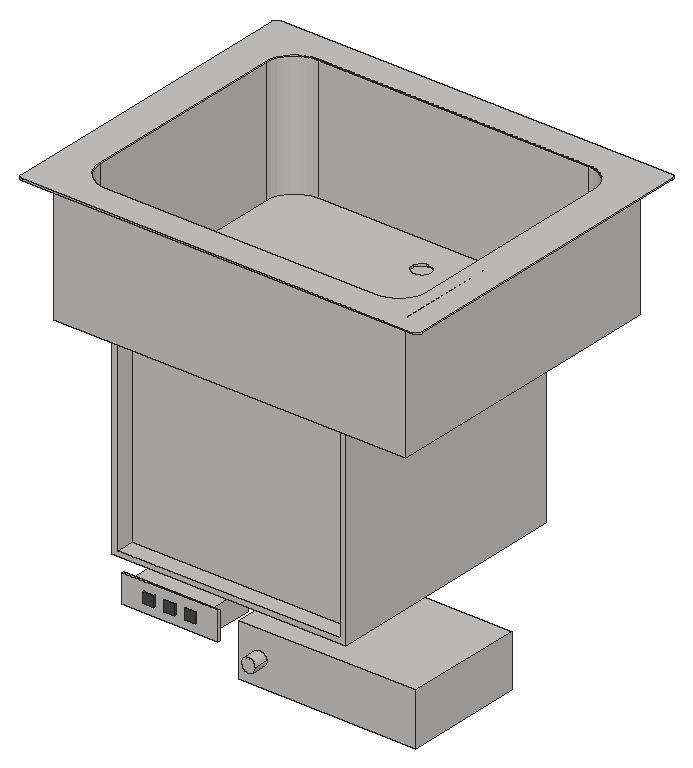
Revit family "QF_ELECTROLUXPROFESSIONAL_341036_D10C2", category Specialty Equipment, Revit 2018
Family settings
  Round Connector Dimension = Use Diameter
  Part Type = Normal
  Work Plane-Based = No
  Always vertical = Yes
  Cut with Voids When Loaded = No
  Shared = No
  Room Calculation Point = No
Parameters (values of type "341036.rfa")
  Weight = 0.00 kg
  Watts = 0 W
  Volts = 0 V
  URL Manufacturer = ""
  URL = ""
  Steam Supply Size = 0 mm
  Steam Supply Minimum Pressure = 0.0 Pa
  Steam Supply Maximum Pressure = 0.0 Pa
  Steam Pounds per Hour = 0
  Show Clearance [instance] = yes
  Remote Electrical Box_Z [instance] = 200.00 mm
  Remote Electrical Box_Y [instance] = 500.00 mm
  Remote Electrical Box_X [instance] = 500.00 mm
  Refrigeration Suction Line Size = 0 mm
  Refrigeration Liquid Line Size = 0 mm
  Refrigerant Compressor Remote = yes
  Manufacturer = ""
  Phase = 0
  Model = ""
  Length Actual = 770.00 mm  # constant formula
  Item Number = ""
  Hot Water Size = 0 mm
  Height Actual = 595.00 mm  # constant formula
  HP = "0 HP"
  Gas Size = 0 mm
  Gas KW = 0
  Gas Input Pressure = 0 W
  Direct Waste Size = 25.4 mm
  Description = ""
  Depth Actual = 620.00 mm  # constant formula
  Cycle = 0 Hz
  Controller_Y [instance] = 500.00 mm
  Controller_1Z [instance] = 200.00 mm
  Controller_1X [instance] = 200.00 mm
  Condensate Return Size = 0 mm
  Compressed Air Volume = 0.0 L/s
  Compressed Air Size = 0 mm
  Compressed Air Pressure = 0.0 Pa
  Cold Water Size = 0 mm
  Accessory = yes
Types (2, lengths in mm): name | Volts | URL Manufacturer | URL | Manufacturer | Phase | Model | Item Number | Description | Cycle
  341036.rfa | 0 V | "" | "" | "" | 0 | "" | "" | "" | 0 Hz
  Standard | 220 V | "http://professional.electrolux.com" | "http://professional.electrolux.com" | "Electrolux Professional" | 1 | "D10C2" | "341036" | "DROP-IN REFRIGERATED WELL, STATIC, 2GN" | 50 Hz
Reference planes
  plane 1 "Centro (Fronte/Retro)": y = 74.737
  plane 2: z = 0
  plane 3 "BACK": y = 384.737
  plane 4 "FRONT": y = -235.263
  plane 5 "RIGHT": x = -129.269
  plane 6 "LEFT": x = -899.269
  plane 7 "1": x = -514.269
  plane 8 "TOP": z = 900
  plane 9: y = 354.737
  plane 10: y = -205.263
  plane 11: x = -176.469
  plane 12: x = -852.069
  plane 13: y = 329.737
  plane 14: y = -180.263
  plane 15: x = -829.269
  plane 16: x = -199.269
  plane 17: z = 898
  plane 18: z = 658
  plane 19: z = 661
  plane 20: z = 265
  plane 21: x = -354.269
  plane 22: y = 349.537
  plane 23: y = -200.063
  plane 24: x = -774.269
  plane 25: x = -324.269
  plane 26: x = -514.269
  plane 27: y = 254.737
  plane 28: y = -165.263
  plane 29: y = 314.737
  plane 30: x = -699.269
  plane 31: x = -399.269
  plane 32: y = -115.263
  plane 33: y = -115.263
  plane 34: z = 200
  plane 35: z = 200
Forms (mm)
  Extrusion 1, solid, material "QF_Finishes_Stainless Steel"
    sketch origin (0, 0, 900) x (-1, 0, 0) y (0, -1, 0)
      loop
        line (176.469, -354.737) -> (852.069, -354.737) -> (852.069, 205.263) -> (176.469, 205.263) -> (176.469, -354.737)
    from -2 to -242
  Extrusion 2, void
    sketch origin (0, 0, 900) x (-1, 0, 0) y (0, -1, 0)
      loop
        line (829.269, -273.737) -> (829.269, 124.263)
        arc (829.269, 124.263) -> (812.867, 163.861) -> (773.269, 180.263) r 56
        line (773.269, 180.263) -> (255.269, 180.263)
        arc (255.269, 180.263) -> (215.671, 163.861) -> (199.269, 124.263) r 56
        line (199.269, 124.263) -> (199.269, -273.737)
        arc (199.269, -273.737) -> (215.671, -313.335) -> (255.269, -329.737) r 56
        line (255.269, -329.737) -> (773.269, -329.737)
        arc (773.269, -329.737) -> (812.867, -313.335) -> (829.269, -273.737) r 56
    from 0 to -239
  Extrusion 3, void
    sketch origin (-498.395, -193.95, 900) x (-1, 0, 0) y (0, -1, 0)
      loop
        circle (15.874, -448.687) r 18
    from -243.6 to -239
  Extrusion 4, solid, material "QF_Finishes_Stainless Steel"
    sketch origin (232.311, 72.737, 0) x (0, -1, 0) y (0, 0, -1)
      loop
        line (204.2, -275) -> (84.2, -275) -> (84.2, -613) -> (204.2, -613) -> (204.2, -275)
    from -994.58 to -568.58
  Sweep 5, solid, material "QF_Finishes_Stainless Steel"
    path origin (-514.269, 0, 0) x (0, 1, 0) y (0, 0, 1)
      loop
        line (254.737, 658) -> (254.737, 629) -> (205.737, 629)
    profile origin (-514.269, 254.737, 643.5) x (1, 0, 0) y (0, 1, 0)
      loop
        circle (0, 0) r 18
  Extrusion 6, solid, material "QF_Finishes_Stainless Steel"
    sketch origin (231.731, -231.263, 456) x (0, 0, 1) y (-1, 0, 0)
      loop
        line (202, 1006) -> (-191, 1006) -> (-191, 556) -> (202, 556) -> (202, 566) -> (-181, 566) -> (-181, 994) -> (202, 994) -> (202, 1006)
    from -546 to -66
  Extrusion 7, solid, material "QF_Finishes_Stainless Steel"
    sketch origin (0, 0, 900) x (-1, 0, 0) y (0, -1, 0)
      loop
        line (139.269, -384.737) -> (889.269, -384.737)
        arc (889.269, -384.737) -> (896.34, -381.808) -> (899.269, -374.737) r 10
        line (899.269, -374.737) -> (899.269, 225.263)
        arc (899.269, 225.263) -> (896.34, 232.334) -> (889.269, 235.263) r 10
        line (889.269, 235.263) -> (139.269, 235.263)
        arc (139.269, 235.263) -> (132.198, 232.334) -> (129.269, 225.263) r 10
        line (129.269, 225.263) -> (129.269, -374.737)
        arc (129.269, -374.737) -> (132.198, -381.808) -> (139.269, -384.737) r 10
      loop
        arc (829.269, 124.263) -> (812.867, 163.861) -> (773.269, 180.263) r 56
        line (773.269, 180.263) -> (255.269, 180.263)
        arc (255.269, 180.263) -> (215.671, 163.861) -> (199.269, 124.263) r 56
        line (199.269, 124.263) -> (199.269, -273.737)
        arc (199.269, -273.737) -> (215.671, -313.335) -> (255.269, -329.737) r 56
        line (255.269, -329.737) -> (773.269, -329.737)
        arc (773.269, -329.737) -> (812.867, -313.335) -> (829.269, -273.737) r 56
        line (829.269, -273.737) -> (829.269, 124.263)
    from 0 to -2
Cuts and joins
  Extrusion 2, Extrusion 3 cuts Extrusion 1
Lines and regions (mm)
  symbolic lines
    curve 1: line (-139.269, 384.737, 900) -> (-889.269, 384.737, 900)
    curve 2: arc (-889.269, 384.737, 900) -> (-896.34, 381.808, 900) -> (-899.269, 374.737, 900) r 10
    curve 3: line (-899.269, 374.737, 900) -> (-899.269, -225.263, 900)
    curve 4: arc (-899.269, -225.263, 900) -> (-896.34, -232.334, 900) -> (-889.269, -235.263, 900) r 10
    curve 5: line (-889.269, -235.263, 900) -> (-139.269, -235.263, 900)
    curve 6: arc (-139.269, -235.263, 900) -> (-132.198, -232.334, 900) -> (-129.269, -225.263, 900) r 10
    curve 7: line (-129.269, -225.263, 900) -> (-129.269, 374.737, 900)
    curve 8: arc (-129.269, 374.737, 900) -> (-132.198, 381.808, 900) -> (-139.269, 384.737, 900) r 10
    curve 9: line (-829.269, -124.263, 900) -> (-829.269, 273.737, 900)
    curve 10: arc (-829.269, 273.737, 900) -> (-812.867, 313.335, 900) -> (-773.269, 329.737, 900) r 56
    curve 11: line (-773.269, 329.737, 900) -> (-255.269, 329.737, 900)
    curve 12: arc (-255.269, 329.737, 900) -> (-215.671, 313.335, 900) -> (-199.269, 273.737, 900) r 56
    curve 13: line (-199.269, 273.737, 900) -> (-199.269, -124.263, 900)
    curve 14: arc (-199.269, -124.263, 900) -> (-215.671, -163.861, 900) -> (-255.269, -180.263, 900) r 56
    curve 15: line (-255.269, -180.263, 900) -> (-773.269, -180.263, 900)
    curve 16: arc (-773.269, -180.263, 900) -> (-812.867, -163.861, 900) -> (-829.269, -124.263, 900) r 56
    curve 17: arc (-496.269, 254.737, 900) -> (-514.269, 272.737, 900) -> (-532.269, 254.737, 900) r 18
    curve 18: arc (-532.269, 254.737, 900) -> (-514.269, 236.737, 900) -> (-496.269, 254.737, 900) r 18
  symbolic lines, style "SpecialityEquipmentHiddenLines"
    curve 19: line (-852.069, 354.737, 900) -> (-176.469, 354.737, 900)
    curve 20: line (-852.069, -205.263, 900) -> (-852.069, 354.737, 900)
    curve 21: line (-176.469, -205.263, 900) -> (-852.069, -205.263, 900)
    curve 22: line (-176.469, 354.737, 900) -> (-176.469, -205.263, 900)
    curve 23: line (-774.269, 314.737, 900) -> (-324.269, 314.737, 900)
    curve 24: line (-774.269, -165.263, 900) -> (-774.269, 314.737, 900)
    curve 25: line (-324.269, -165.263, 900) -> (-774.269, -165.263, 900)
    curve 26: line (-324.269, 314.737, 900) -> (-324.269, -165.263, 900)
    curve 27: line (-514.269, 329.737, 900) -> (-514.269, -180.263, 900)
Dimensions and locks
  plane 6 "LEFT" to plane 5 "RIGHT" = 770.00 mm
  equal spacing: plane 3 "BACK", plane 1 "Centro (Fronte/Retro)", plane 4 "FRONT"
  plane 3 "BACK" to plane 4 "FRONT" = 620.00 mm
  equal spacing: plane 6 "LEFT", plane 7 "1", plane 5 "RIGHT"
  locked: plane 8 "TOP" to plane 2 at 900
  plane 6 "LEFT" to plane 12 = 47.20 mm
  plane 11 to plane 5 "RIGHT" = 47.20 mm
  locked: plane 3 "BACK" to plane 9 at 30
  locked: plane 10 to plane 4 "FRONT" at 30
  locked: plane 3 "BACK" to plane 13 at 55
  locked: plane 14 to plane 4 "FRONT" at 55
  locked: plane 6 "LEFT" to plane 15 at 70
  locked: plane 16 to plane 5 "RIGHT" at 70
  locked: plane 8 "TOP" to plane 17 at 2
  plane 8 "TOP" to plane 18 = 242.00 mm
  locked: plane 19 to plane 18 at 3
  plane 8 "TOP" to plane 20 = 635.00 mm
  plane 25 to plane 24 = 450.00 mm
  plane 26 to plane 5 "RIGHT" = 385.00 mm
  locked: plane 13 to plane 27 at 75
  locked: plane 24 to Extrusion 4 at 12
  locked: plane 25 to Extrusion 4 at 12
  plane 15 to plane 16 = 630.00 mm
  plane 13 to plane 14 = 510.00 mm
  plane 24 to plane 6 "LEFT" = 125.00 mm
  plane 18 to plane 20 = 393.00 mm
  equal spacing: plane 28, plane 1 "Centro (Fronte/Retro)", plane 29
  plane 28 to plane 29 = 480.00 mm
  "Controller_Y": plane 3 "BACK" to plane 33
  "Remote Electrical Box_Y": plane 3 "BACK" to plane 32
  "Controller_1X": plane 6 "LEFT" to plane 30
  "Remote Electrical Box_X": plane 6 "LEFT" to plane 31
  "Remote Electrical Box_Z": plane 35 to plane 2
  "Controller_1Z": plane 34 to plane 2
  aligned and locked: level to plane 2
  aligned and locked: plane 9 to Extrusion 1 sketch curve
  aligned and locked: plane 11 to Extrusion 1 sketch curve
  aligned and locked: Extrusion 1 sketch curve to plane 10
  aligned and locked: Extrusion 1 sketch curve to plane 12
  aligned and locked: Extrusion 1 to plane 18
  aligned and locked: Extrusion 2 to plane 19
  aligned and locked: plane 19 to Extrusion 3
  aligned and locked: Extrusion 6 to plane 28
  aligned and locked: plane 29 to Extrusion 6
  aligned and locked: Extrusion 7 to plane 17
  aligned and locked: plane 30 to nested 1
  aligned and locked: plane 31 to nested 2
  aligned and locked: plane 32 to nested 2
  aligned and locked: nested 1 to plane 33
  aligned and locked: nested 1 to plane 34
  aligned and locked: plane 35 to nested 2
Automatic sketch dimensions
  Extrusion 2 sketch curve to plane 13 = 56.00 mm
  Extrusion 2 sketch curve to plane 16 = 56.00 mm
  plane 14 to Extrusion 2 sketch curve = 56.00 mm
  plane 15 to Extrusion 2 sketch curve = 56.00 mm
  plane 20 to Extrusion 4 sketch curve = 10.00 mm
  Extrusion 4 sketch curve to plane 22 = 361.00 mm
  Extrusion 4 sketch curve to Extrusion 4 sketch curve = 120.00 mm
  Extrusion 4 sketch curve to plane 18 = 45.00 mm
  Extrusion 3 sketch curve to plane 26 = 0.00 mm
  Extrusion 3 sketch curve to plane 27 = 0.00 mm
  Sweep 5 sketch curve to plane 27 = 0.00 mm
  Sweep 5 sketch curve to plane 18 = 0.00 mm
  Sweep 5 sketch curve to plane 18 = 29.00 mm
  Sweep 5 sketch curve to Sweep 5 sketch curve = 49.00 mm
  Sweep 5 sketch curve to Sweep 5 sketch curve = 0.00 mm  (x2)
  profile plane to Sweep 5 sketch curve = 0.00 mm
  Sweep 5 sketch curve to plane 7 "1" = 0.00 mm
  Sweep 5 sketch curve to plane 7 "1" = 18.00 mm
  Extrusion 2 sketch curve to plane 16 = 0.00 mm
  Extrusion 2 sketch curve to plane 14 = 0.00 mm
  Extrusion 2 sketch curve to plane 13 = 0.00 mm
  Extrusion 2 sketch curve to plane 15 = 0.00 mm
  Extrusion 6 sketch curve to plane 25 = 0.00 mm
  Extrusion 6 sketch curve to plane 20 = 0.00 mm
  Extrusion 6 sketch curve to plane 18 = 0.00 mm  (x2)
  Extrusion 6 sketch curve to plane 24 = 0.00 mm
  plane 20 to Extrusion 6 sketch curve = 10.00 mm
  Extrusion 6 sketch curve to plane 25 = 10.00 mm
  plane 24 to Extrusion 6 sketch curve = 12.00 mm
  Extrusion 7 sketch curve to plane 3 "BACK" = 0.00 mm
  Extrusion 7 sketch curve to plane 6 "LEFT" = 0.00 mm
  Extrusion 7 sketch curve to plane 3 "BACK" = 10.00 mm  (x2)
  plane 4 "FRONT" to Extrusion 7 sketch curve = 10.00 mm
  Extrusion 7 sketch curve to plane 4 "FRONT" = 0.00 mm
  Extrusion 7 sketch curve to plane 5 "RIGHT" = 10.00 mm
  Extrusion 7 sketch curve to plane 5 "RIGHT" = 0.00 mm
  Extrusion 7 sketch curve to plane 16 = 0.00 mm
  Extrusion 7 sketch curve to plane 14 = 0.00 mm
  Extrusion 7 sketch curve to plane 13 = 0.00 mm
  Extrusion 7 sketch curve to plane 15 = 0.00 mm
  plane 27 to Extrusion 7 sketch curve = 19.00 mm
  plane 28 to Extrusion 7 sketch curve = 41.00 mm
  plane 24 to Extrusion 7 sketch curve = 1.00 mm  (x2)
  curve 7 to plane 5 "RIGHT" = 0.00 mm
  curve 8 to plane 3 "BACK" = 0.00 mm
  curve 6 to plane 4 "FRONT" = 0.00 mm
  curve 22 to plane 9 = 0.00 mm
  curve 22 to plane 11 = 0.00 mm
  curve 14 to plane 16 = 0.00 mm
  curve 25 to plane 25 = 0.00 mm
  curve 17 to plane 27 = 0.00 mm
  curve 27 to plane 7 "1" = 0.00 mm
  curve 18 to plane 7 "1" = 0.00 mm
  curve 23 to plane 24 = 0.00 mm
  curve 10 to plane 15 = 0.00 mm
  curve 20 to plane 12 = 0.00 mm
  curve 2 to plane 6 "LEFT" = 0.00 mm
  curve 27 to plane 13 = 0.00 mm
  curve 23 to plane 29 = 0.00 mm
  curve 25 to plane 28 = 0.00 mm
  curve 27 to plane 14 = 0.00 mm
  curve 21 to plane 10 = 0.00 mm
  curve 6 to curve 6 = 10.00 mm
  curve 8 to plane 3 "BACK" = 10.00 mm
  curve 15 to plane 16 = 56.00 mm
  plane 27 to curve 12 = 19.00 mm
  plane 24 to curve 15 = 1.00 mm
  plane 24 to curve 11 = 1.00 mm
  curve 2 to plane 3 "BACK" = 10.00 mm
  plane 6 "LEFT" to curve 5 = 10.00 mm
  plane 7 "1" to curve 17 = 18.00 mm
  radius of Extrusion 3 sketch curve = 18.00 mm
Nested families
  nested 1: "Controller" at (-699.269, -115.263, 200), type "Controller"
  nested 2: "Remote_Electrical_Box" at (-399.269, -0.263, 100), type "Remote_Electrical_Box"
  nested 3: "Refrigerator" at (-309.269, -45.263, 900), type "Refrigerator"
Connectors
  piping at (-514.269, 205.737, 629), diameter 36
    settings: on Sweep 5, index 1, connector inside diameter 609.6 mm, connector length 0.00 mm, flow factor 0, pipe flow 0.0 L/s, pressure drop 0.0 Pa, fitting loss kfactor 0, connector angle 0.00°, fixture units 0, engagement length 0.00 mm, angle of deflection 0.00°, flow configuration 1, flow direction 1, fitting loss method 0, system type 16, joint type 0, gender type 0, connector reference index -1, connector utility 0, adjustable connector no, is connector primary yes, connector description "Drain"
  electrical at (-529.269, -142.263, 149.381)
    settings: on nested 2, index 2, voltage 0 V, apparent load 0 VA, apparent load phase1 0 VA, apparent load phase2 0 VA, apparent load phase3 0 VA, power factor 1, load classification "Altro", number of poles 1, system type 14, power factor state 1, is connector primary yes, connector utility no, sub classification motor no, connector description ""
Definition of nested family "Controller"
  Reference planes
    plane 1 "Center (Front/Back)": y = 0
    plane 2: z = 0
    plane 3 "Center (Left/Right)": x = 0
  Forms (mm)
    Extrusion 1, solid
      sketch origin (0, 44.769, -48.2) x (1, 0, 0) y (0, 1, 0)
        loop
          line (-76, 43.231) -> (-76, -47.65) -> (76, -47.65) -> (76, 43.231) -> (-76, 43.231)
      from 6.2 to 48.2
    Extrusion 2, solid
      sketch origin (0, 44.769, -48.2) x (1, 0, 0) y (0, 0, 1)
        loop
          line (-92.25, 54.4) -> (-92.25, 0) -> (92.25, 0) -> (92.25, 54.4) -> (-92.25, 54.4)
        loop
          line (-76, 48.2) -> (-76, 6.2) -> (76, 6.2) -> (76, 48.2) -> (-76, 48.2)
      from 44.769 to 47.65
    Extrusion 3, solid
      sketch origin (76, -2.881, -48.2) x (-1, 0, 0) y (0, 0, -1)
        loop
          line (106, -37.2) -> (126, -37.2) -> (126, -17.2) -> (106, -17.2) -> (106, -37.2)
        loop
          line (66, -37.2) -> (86, -37.2) -> (86, -17.2) -> (66, -17.2) -> (66, -37.2)
        loop
          line (26, -37.2) -> (46, -37.2) -> (46, -17.2) -> (26, -17.2) -> (26, -37.2)
      from 0 to 2
    Extrusion 4, void
      sketch origin (0, 0, 0) x (1, 0, 0) y (0, 1, 0)
        loop
          line (76, 88) -> (-76, 88) -> (-76, 0) -> (76, 0) -> (76, 88)
      from 0 to -42
  Cuts and joins
    Extrusion 4 cuts Extrusion 2
    joined: Extrusion 1, Extrusion 2
  Lines and regions (mm)
    symbolic lines
      curve 1: line (-76, 88, 0) -> (-76, 0, 0)
      curve 2: line (76, 88, 0) -> (-76, 88, 0)
      curve 3: line (76, 0, 0) -> (76, 88, 0)
      curve 4: line (-92.25, -2.881, 0) -> (92.25, -2.881, 0)
      curve 5: line (-92.25, 0, 0) -> (-92.25, -2.881, 0)
      curve 6: line (92.25, 0, 0) -> (-92.25, 0, 0)
      curve 7: line (92.25, -2.881, 0) -> (92.25, 0, 0)
  Dimensions and locks
    aligned and locked: level to plane 2
Definition of nested family "Remote_Electrical_Box"
  Parameters (values of type "Remote_Electrical_Box")
    Default Elevation = 1219.20 mm
  Reference planes
    plane 1 "Center (Front/Back)": y = 0
    plane 2: z = 0
    plane 3 "Center (Left/Right)": x = 0
    plane 4: x = -170
    plane 5: x = 170
    plane 6: y = 115
    plane 7: y = -115
    plane 8: z = 100
    plane 9: z = 50
  Forms (mm)
    Extrusion 1, solid
      sketch origin (0, 0, 0) x (1, 0, 0) y (0, 1, 0)
        loop
          line (-170, 115) -> (-170, -115) -> (170, -115) -> (170, 115) -> (-170, 115)
      from 0 to 100
    Extrusion 2, solid
      sketch origin (0, 0, 0) x (1, 0, 0) y (0, 0, 1)
        loop
          circle (-130, 49.381) r 13
      from 115 to 142
  Lines and regions (mm)
    symbolic lines
      curve 1: line (-170, 115, 0) -> (170, 115, 0)
      curve 2: line (-170, -115, 0) -> (-170, 115, 0)
      curve 3: line (170, -115, 0) -> (-170, -115, 0)
      curve 4: line (170, 115, 0) -> (170, -115, 0)
      curve 5: line (-143, -142, 0) -> (-117, -142, 0)
      curve 6: line (-143, -142, 0) -> (-143, -115, 0)
      curve 7: line (-117, -142, 0) -> (-117, -115, 0)
  Dimensions and locks
    equal spacing: plane 4, plane 3 "Center (Left/Right)", plane 5
    equal spacing: plane 6, plane 1 "Center (Front/Back)", plane 7
    plane 4 to plane 5 = 340.00 mm
    plane 6 to plane 7 = 230.00 mm
    Extrusion 1 to Extrusion 2 sketch curve = 40.00 mm
    equal spacing: plane 8, plane 9, plane 2
    aligned and locked: level to plane 2
    aligned and locked: Extrusion 1 sketch curve to plane 6
    aligned and locked: plane 4 to Extrusion 1 sketch curve
    aligned and locked: plane 7 to Extrusion 1 sketch curve
    aligned and locked: Extrusion 1 sketch curve to plane 5
    aligned and locked: plane 7 to Extrusion 2
    aligned and locked: plane 8 to Extrusion 1
  Automatic sketch dimensions
    level to Extrusion 2 sketch curve = 49.381 mm
    curve 3 to plane 4 = 0.00 mm
    curve 7 to plane 7 = 0.00 mm
    curve 3 to plane 5 = 0.00 mm
    curve 2 to plane 6 = 0.00 mm
    plane 4 to curve 6 = 27.00 mm
    curve 5 to curve 6 = 27.00 mm
    curve 6 to curve 7 = 26.00 mm
    radius of Extrusion 2 sketch curve = 13.00 mm
Definition of nested family "Refrigerator"
  Reference planes
    plane 1 "Center (Front/Back)": y = 0
    plane 2: z = 0
    plane 3 "Center (Left/Right)": x = 0
  Lines and regions (mm)
    detail lines, in view "Ref. Level"
      curve 1: line (0, -60, 0) -> (0, 60, 0)
      curve 2: line (-51.962, 30, 0) -> (51.962, -30, 0)
      curve 3: line (-51.962, -30, 0) -> (51.962, 30, 0)
      curve 4: line (19.116, 56.873, 0) -> (0, 35, 0)
      curve 5: line (0, 35, 0) -> (-19.116, 56.873, 0)
      curve 6: line (-30.311, 17.5, 0) -> (-40, 45.883, 0)
      curve 7: line (-59.736, 11.7, 0) -> (-30.311, 17.5, 0)
      curve 8: line (-30.311, -17.5, 0) -> (-59.736, -11.7, 0)
      curve 9: line (-40, -45.883, 0) -> (-30.311, -17.5, 0)
      curve 10: line (0, -35, 0) -> (-19.116, -56.873, 0)
      curve 11: line (19.116, -56.873, 0) -> (0, -35, 0)
      curve 12: line (30.311, -17.5, 0) -> (39.696, -44.992, 0)
      curve 13: line (58.812, -11.882, 0) -> (30.311, -17.5, 0)
      curve 14: line (30.311, 17.5, 0) -> (58.812, 11.882, 0)
      curve 15: line (39.696, 44.992, 0) -> (30.311, 17.5, 0)
